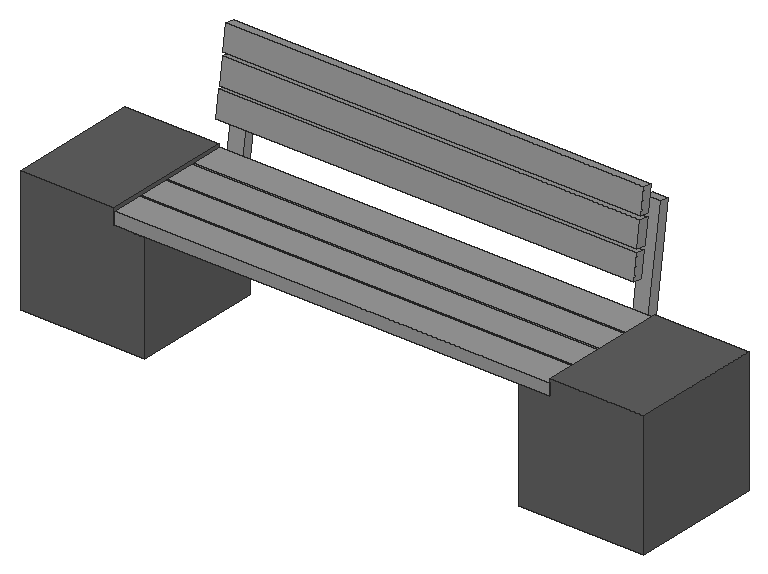
Revit family "skamya_bridget", category Антураж, Revit 2017
Family settings
  На основе рабочей плоскости = Нет
  Всегда вертикально = Да
  При загрузке вырезать с полостями = Нет
  Источник визуального образа = Геометрия семейства
  Общий = Нет
  Точка расчета площади = Нет
Parameters (values of type ""Бриджет" Черный шелк")
  Ширина = 420 mm
  Обозначение = ""
  Материал профильной трубы = Сталь
  Материал настила = Настил
  Производитель = "ГК Очаковский комбинат ЖБИ"  # constant formula
  Позиция = ""
  Поверхность = ""
  Площадь [instance] = 2.118 m²
  Описание изделия [instance] = "Для дополнительного комфорта скамья «Бриджет» оснащена деревянной спинкой."
  Объем бетона = 0.108 m³
  Наименование = "Скамья \"Бриджет\""
  Морозостойкость [instance] = "F150"
  Материал = Очаковский_Черный_шелк
  Масса [instance] = 270.00 kg
  Класс бетона [instance] = "В30"
  Защитное покрытие [instance] = 1.798
  Длина = 2000 mm
  Высота сиденья [instance] = 400 mm
  Watermarked By = ""
  Высота = 730 mm
  Водонепроницаемость [instance] = "W8"
  URL = "http://file-system.ru/catalog/blagoustroystvo/sadovo_parkovaya_mebel/spm_skameyki/bridzhet_skamya/"
Types (8, lengths in mm): name | Материал | URL
  (no name) | Очаковский_Черный_шелк | "http://file-system.ru/catalog/blagoustroystvo/sadovo_parkovaya_mebel/spm_skameyki/bridzhet_skamya/"
  "Бриджет" Белый шелк | Очаковский_Белый_Шелк | 0
  "Бриджет" Крымский берег | Очаковский_Крымский_берег | 0
  "Бриджет" Московский гравий | Очаковский_Московский_гравий | 0
  "Бриджет" Морская соль | Очаковский_Морская_соль | 0
  "Бриджет" Черный шелк | Очаковский_Черный_шелк | "http://file-system.ru/catalog/blagoustroystvo/sadovo_parkovaya_mebel/spm_skameyki/bridzhet_skamya/"
  "Бриджет" Черный глянец | Очаковский_Черный_глянец | 0
  "Бриджет" Шахматка | Очаковский_Шахматка | 0
Reference planes
  plane 1 "По центру (Вперед/Назад)": y = 0
  plane 2: z = 0
  plane 3 "По центру (Влево/Вправо)": x = 0
  plane 4: z = 400
  plane 5: x = -1000
  plane 6: x = 1000
  plane 7: y = -210
  plane 8: y = 210
  plane 9: z = 350
  plane 10: x = 600
  plane 11: z = 190
  plane 12: y = 160
  plane 13: y = -160
  plane 14: x = -600
  plane 15: z = 730
  plane 16: x = -675.333
  plane 17: x = -625.333
  plane 18: y = 240
  plane 19: x = 675.333
  plane 20: x = 625.333
  plane 21: through (0, 240, 345.376) normal (0, 0.1564, 0.9877)
  plane 22: through (0, 254.211, 696.205) normal (0, -0.1564, -0.9877)
Forms (mm)
  Extrusion 1, solid, material "Очаковский_Черный_шелк" <- "Материал", detail levels medium+fine
    sketch origin (0, 0, 0) x (1, 0, 0) y (0, 1, 0)
      loop
        line (600, 210) -> (600, -210) -> (1000, -210) -> (1000, 210) -> (600, 210)
    from 0 to 400
  Extrusion 2, void
    sketch origin (600, 210, 1200) x (0, -1, 0) y (0, 0, 1)
      loop
        line (0, -800) -> (0, -850) -> (420, -850) -> (420, -800) -> (0, -800)
    from 0 to -100
  Extrusion 3, solid, material "Очаковский_Черный_шелк" <- "Материал", detail levels medium+fine
    sketch origin (0, 0, 0) x (-1, 0, 0) y (0, -1, 0)
      loop
        line (600, -210) -> (1000, -210) -> (1000, 210) -> (600, 210) -> (600, -210)
    from 0 to 400
  Extrusion 4, void
    sketch origin (-570, 210, 1200) x (0, -1, 0) y (0, 0, -1)
      loop
        line (0, 800) -> (420, 800) -> (420, 850) -> (0, 850) -> (0, 800)
    from 0 to -130
  Extrusion 5, solid, material "Настил" <- "Материал настила", detail levels medium+fine
    sketch origin (700, 210, 1200) x (0, -1, 0) y (0, 0, 1)
      loop
        line (320, -810) -> (320, -850) -> (420, -850) -> (420, -810) -> (320, -810)
      loop
        line (105, -810) -> (0, -810) -> (0, -850) -> (105, -850) -> (105, -810)
      loop
        line (215, -810) -> (215, -850) -> (315, -850) -> (315, -810) -> (215, -810)
      loop
        line (110, -810) -> (110, -850) -> (210, -850) -> (210, -810) -> (110, -810)
    from 0 to 1400
  Extrusion 6, solid, material "Сталь" <- "Материал профильной трубы", detail levels medium+fine
    sketch origin (0, 239.198, 345.503) x (0, 0.987688, -0.156434) y (-1, 0, 0)
      loop
        line (-29.562, 675.333) -> (-29.562, 625.333) -> (0.438, 625.333) -> (0.438, 675.333) -> (-29.562, 675.333)
      loop
        line (-29.562, -625.333) -> (-29.562, -675.333) -> (0.438, -675.333) -> (0.438, -625.333) -> (-29.562, -625.333)
    from 0 to 348.734
  Extrusion 7, solid, material "Настил" <- "Материал настила", detail levels medium+fine
    sketch origin (-700, 199.804, 1273.829) x (0, -1, 0) y (0, 0, 1)
      loop
        line (-28.079, -619.015) -> (-40.594, -540) -> (-70.225, -544.693) -> (-57.71, -623.708) -> (-28.079, -619.015)
      loop
        line (-14, -707.907) -> (-26.515, -628.892) -> (-56.146, -633.585) -> (-43.631, -712.6) -> (-14, -707.907)
      loop
        line (0.079, -796.799) -> (-12.436, -717.784) -> (-42.066, -722.477) -> (-29.552, -801.492) -> (0.079, -796.799)
    from 0 to -1340
  Extrusion 8, solid, material "Сталь" <- "Материал профильной трубы", detail levels medium+fine
    sketch origin (0, 210, 190) x (0, 1, 0) y (-1, 0, 0)
      loop
        line (30, 675.333) -> (0, 675.333) -> (0, 625.333) -> (30, 625.333) -> (30, 675.333)
      loop
        line (30, -625.333) -> (0, -625.333) -> (0, -675.333) -> (30, -675.333) -> (30, -625.333)
    from 0 to 160
Cuts and joins
  Extrusion 2, Extrusion 4 cuts Extrusion 1
  Extrusion 4 cuts Extrusion 3
Dimensions and locks
  "Высота сиденья": plane 4 to plane 2
  equal spacing: plane 8, plane 1 "По центру (Вперед/Назад)", plane 7
  "Ширина": plane 8 to plane 7
  equal spacing: plane 5, plane 3 "По центру (Влево/Вправо)", plane 6
  "Длина": plane 5 to plane 6
  "Высота": plane 15 to plane 2
  locked: plane 17 to plane 14 at 25.333
  locked: Extrusion 5 to plane 16 at 24.667
  locked: plane 19 to Extrusion 5 at 24.667
  locked: plane 10 to plane 20 at 25.333
  plane 5 to plane 14 = 400 mm
  plane 10 to plane 6 = 400 mm
  aligned and locked: level to plane 2
  aligned and locked: plane 9 to Extrusion 2 sketch curve
  aligned and locked: plane 4 to Extrusion 2 sketch curve
  aligned and locked: plane 7 to Extrusion 2 sketch curve
  aligned and locked: plane 8 to Extrusion 2 sketch curve
  aligned and locked: plane 14 to cut or joined group of Extrusion 3, Extrusion 4
  aligned and locked: cut or joined group of Extrusion 3, Extrusion 4 to Extrusion 5
  aligned and locked: Extrusion 3 sketch curve to plane 5
  aligned and locked: Extrusion 8 to plane 9
  aligned and locked: Extrusion 6 to plane 22
  aligned and locked: plane 3 "По центру (Влево/Вправо)" to nested 1
  aligned and locked: plane 1 "По центру (Вперед/Назад)" to nested 1
Automatic sketch dimensions
  Extrusion 1 sketch curve to plane 7 = 0 mm
  Extrusion 1 sketch curve to plane 10 = 0 mm
  Extrusion 1 sketch curve to plane 6 = 0 mm
  Extrusion 3 sketch curve to plane 8 = 0 mm
  plane 4 to Extrusion 4 sketch curve = 0 mm
  Extrusion 6 sketch curve to plane 16 = 0 mm
  Extrusion 6 sketch curve to plane 17 = 0 mm
  Extrusion 6 sketch curve to plane 19 = 0 mm
  Extrusion 6 sketch curve to plane 20 = 0 mm
  Extrusion 6 sketch curve to Extrusion 6 sketch curve = 0 mm
  Extrusion 6 sketch curve to Extrusion 6 sketch curve = 30 mm  (x2)
  Extrusion 1 sketch curve to plane 8 = 0 mm
  Extrusion 3 sketch curve to plane 14 = 0 mm
  Extrusion 3 sketch curve to plane 7 = 0 mm
  Extrusion 4 sketch curve to plane 8 = 0 mm
  Extrusion 4 sketch curve to plane 7 = 0 mm
  plane 9 to Extrusion 4 sketch curve = 0 mm
  Extrusion 5 sketch curve to Extrusion 2 = 10 mm  (x4)
  Extrusion 5 sketch curve to Extrusion 2 = 0 mm  (x2)
  Extrusion 2 to Extrusion 5 sketch curve = 0 mm  (x4)
  Extrusion 5 sketch curve to Extrusion 5 sketch curve = 105 mm
  Extrusion 5 sketch curve to Extrusion 5 sketch curve = 5 mm  (x3)
  Extrusion 5 sketch curve to Extrusion 5 sketch curve = 100 mm  (x2)
  Extrusion 8 sketch curve to plane 19 = 0 mm
  Extrusion 8 sketch curve to plane 16 = 0 mm
  Extrusion 8 sketch curve to plane 20 = 0 mm
  Extrusion 8 sketch curve to plane 17 = 0 mm
  plane 8 to Extrusion 8 sketch curve = 0 mm  (x2)
  plane 18 to Extrusion 8 sketch curve = 0 mm  (x2)
  Extrusion 5 to Extrusion 7 sketch curve = 60.029 mm
  Extrusion 5 to Extrusion 7 sketch curve = 47.514 mm
  Extrusion 7 sketch curve to Extrusion 7 sketch curve = 1.564 mm  (x3)
  Extrusion 5 to Extrusion 7 sketch curve = 33.435 mm
  Extrusion 7 sketch curve to Extrusion 7 sketch curve = 29.631 mm
  Extrusion 5 to Extrusion 7 sketch curve = 19.356 mm
  Extrusion 5 to Extrusion 7 sketch curve = 2.24 mm
  Extrusion 5 to Extrusion 7 sketch curve = 82.337 mm
  Extrusion 7 sketch curve to Extrusion 7 sketch curve = 4.693 mm
  Extrusion 7 sketch curve to Extrusion 7 sketch curve = 9.877 mm  (x4)
Nested families
  nested 1: "Скамья низкая дет" at (0, 0, 0), Высота <- "Высота", Длина <- "Длина", Ширина <- "Ширина", type "Скамья низкая дет"
    with Ширина 420 mm, Длина 2000 mm, Высота 730 mm
Definition of nested family "Скамья низкая дет"
  Parameters (values of type "Скамья низкая дет")
    Ширина [instance] = 1000 mm
    Длина [instance] = 2800 mm
    Высота [instance] = 1096.843 mm
    Watermarked By = ""
    Type Comments = "﻿﻿﻿          ​               ​       ​     ​         ﻿ ﻿ ﻿ ﻿     ﻿ ﻿                        ​ ﻿  ﻿  ​ ﻿           ﻿                 ﻿           ﻿   ​     ​       ​  ﻿﻿﻿"
    Keynote = "﻿﻿﻿          ​               ​       ​     ​         ﻿ ﻿ ﻿ ﻿     ﻿ ﻿                        ​ ﻿  ﻿  ​ ﻿           ﻿                 ﻿           ﻿   ​     ​       ​  ﻿﻿﻿"
    Description = "﻿﻿﻿          ​               ​       ​     ​         ﻿ ﻿ ﻿ ﻿     ﻿ ﻿                        ​ ﻿  ﻿  ​ ﻿           ﻿                 ﻿           ﻿   ​     ​       ​  ﻿﻿﻿"
    Assembly Code = "﻿﻿﻿          ​               ​       ​     ​         ﻿ ﻿ ﻿ ﻿     ﻿ ﻿                        ​ ﻿  ﻿  ​ ﻿           ﻿                 ﻿           ﻿   ​     ​       ​  ﻿﻿﻿"
  Reference planes
    plane 1 "По центру (Вперед/Назад)": y = 0
    plane 2: z = 0
    plane 3 "По центру (Влево/Вправо)": x = 0
    plane 4: x = -1400
    plane 5: x = 1400
    plane 6: y = -500
    plane 7: y = 500
    plane 8: z = 1096.843
  Forms (mm)
    Extrusion 1, solid, detail levels coarse
      sketch origin (0, 0, 0) x (1, 0, 0) y (0, 1, 0)
        loop
          line (-1400, 500) -> (-1400, -500) -> (1400, -500) -> (1400, 500) -> (-1400, 500)
      from 0 to 1096.843
  Dimensions and locks
    equal spacing: plane 6, plane 1 "По центру (Вперед/Назад)", plane 7
    "Ширина": plane 6 to plane 7
    equal spacing: plane 4, plane 3 "По центру (Влево/Вправо)", plane 5
    "Длина": plane 4 to plane 5
    "Высота": plane 8 to level
    aligned and locked: level to plane 2
    aligned and locked: Extrusion 1 sketch curve to plane 5
    aligned and locked: Extrusion 1 sketch curve to plane 7
    aligned and locked: Extrusion 1 sketch curve to plane 6
    aligned and locked: Extrusion 1 sketch curve to plane 4
    aligned and locked: plane 8 to Extrusion 1
  Automatic sketch dimensions
    Extrusion 1 sketch curve to plane 5 = 0 mm
